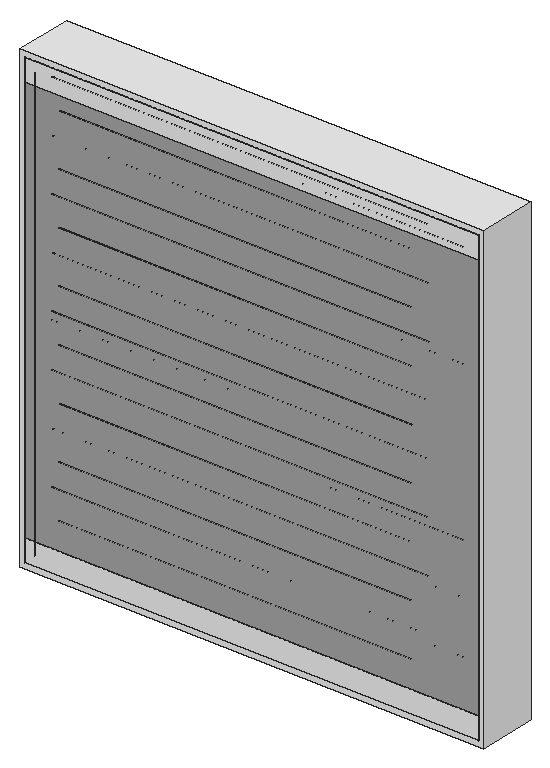
Revit family
Parameters (values of type "Louver_Acoustical_EAA-645_All-Lite")
  URL = "http://www.alllite-louvers.com"
  Specifications = "http://www.alllite-louvers.com/catalog/AEAA-645-csi-specification.doc"
  Spacing = 0.458 ft
  SmartBIM Object Version = 3  # constant formula
  SmartBIM Object Created By = "Reed Construction Data"  # constant formula
  Shim Thickness = 0.042 ft
  Screen Width = Width - (2 * Shim Thickness)  # 3.916 ft
  Screen Height = Height - (2 * 0.239583 ft)  # 3.520833 ft
  Screen = Aluminum
  Rough Width = 0.0 ft
  Rough Height = 0.0 ft
  Product URL = "http://www.alllite-louvers.com/catalog.php?model=EAA-645"
  Pressure Loss (in.wg.) = "0.10"
  OmniClass Title = "Exterior Louvers and Grilles"  # constant formula
  OmniClass Code = "23-60 11 17"  # constant formula
  Model Number = "EAA-645"  # constant formula
  Minimum Size = "12\" x 12\""
  Maximum Size - Single Section = "60\" x 120\""
  Maximum Size - Multiple Section = "Unlimited"
  Manufacturer = "All-Lite"  # constant formula
  Louver Width = Width - (2 * Shim Thickness) - 0.166667 ft  # 3.749333 ft
  Louver = Mill finish, 6063-T5 Extruded Aluminum
  Height = 4.0 ft
  Free Area for 48”x48” Louver = "30.0%"
  Free Area Velocity (fpm) = "980"
  Free Area (ft²) for 48"x48" Louver = 4.8 ft
  Frame = Mill finish, 6063-T5 Extruded Aluminum
  Default Sill Height = 3.0 ft
  Wall Closure = (empty or 0)
  Width = 4.0 ft
  Cut Sheet = "http://www.alllite-louvers.com/catalog/AEAA645.pdf"
  Assembly Code = "B2010300"
  Air Volume Delivered (cfm) = "4704"
  95 CSI = "10200 "  # constant formula
  04 CSI = "08 91 00"  # constant formula
  # of Louvers = (Height - 0.25 ft) / (Spacing)  # 8
Reference planes (ft)
  plane 1 "Center (Front/Back)": y = 0
  plane 2: z = 0.291667
  plane 3 "Center (Left/Right)": x = 0
  plane 4 "Left": x = -2
  plane 5 "Right": x = 2
  plane 6 "Sill": z = 3.291667
  plane 7 "Top": z = 7.291667
  plane 8: x = -1.958
  plane 9: x = 1.958
  plane 10: z = 7.249667
  plane 11: z = 3.333667
  plane 12: z = 5.291667
  plane 13: z = 3.417
  plane 14: z = 3.458667
  plane 15: z = 7.166333
  plane 16: z = 7.124667
  plane 17: z = 3.531583
Forms (ft)
  Sweep 1, solid, material "Mill finish, 6063-T5 Extruded Aluminum" <- "Frame"
    path origin (-5, 0.333333, 0) x (-1, 0, 0) y (0, 0, 1)
      loop
        line (-6.958, 7.249667) -> (-3.042, 7.249667)
    profile "Horizontal Mullion : Horizontal Mullion" origin (0, 0.333333, 7.249667) x (0, 0, 1) y (0, 1, 0)
      loop
        line (0, 0) -> (-0.083333, 0) -> (-0.083333, -0.499878) -> (-0.197917, -0.499878) -> (-0.197917, -0.506628) -> (0, -0.506628) -> (0, -0.464961) -> (-0.00675, -0.464961) -> (-0.00675, -0.499878) -> (-0.076583, -0.499878) -> (-0.076583, -0.006628) -> (-0.00675, -0.006628) -> (-0.00675, -0.041545) -> (0, -0.041545) -> (0, 0)
  Sweep 2, solid, material "Mill finish, 6063-T5 Extruded Aluminum" <- "Frame"
    path origin (-5, 0.333333, 0) x (-1, 0, 0) y (0, 0, 1)
      loop
        line (-6.958, 3.333667) -> (-3.042, 3.333667)
    profile "Horizontal Mullion : Horizontal Mullion" origin (0, 0.333333, 3.333667) x (0, 0, 1) y (0, 1, 0)
      loop
        line (0, 0) -> (0, -0.041545) -> (0.00675, -0.041545) -> (0.00675, -0.006628) -> (0.076583, -0.006628) -> (0.076583, -0.499878) -> (0.00675, -0.499878) -> (0.00675, -0.464961) -> (0, -0.464961) -> (0, -0.506628) -> (0.197917, -0.506628) -> (0.197917, -0.499878) -> (0.083333, -0.499878) -> (0.083333, 0) -> (0, 0)
  Sweep 3, solid, material "Mill finish, 6063-T5 Extruded Aluminum" <- "Frame"
    path origin (-5, 0.333333, 0) x (-1, 0, 0) y (0, 0, 1)
      loop
        line (-6.958, 3.417) -> (-6.958, 7.166333)
    profile "Vertical Mullion : Vertical Mullion" origin (1.958, 0.333333, 5.291667) x (1, 0, 0) y (0, 1, 0)
      loop
        line (0, -0.46875) -> (-0.010417, -0.46875) -> (-0.010417, -0.489583) -> (-0.072917, -0.489583) -> (-0.072917, -0.010417) -> (-0.010417, -0.010417) -> (-0.010417, -0.03125) -> (0, -0.03125) -> (0, 0) -> (-0.083333, 0) -> (-0.083333, -0.5) -> (0, -0.5) -> (0, -0.46875)
  Sweep 4, solid, material "Mill finish, 6063-T5 Extruded Aluminum" <- "Frame"
    path origin (5, 0.333333, 0) x (1, 0, 0) y (0, 0, -1)
      loop
        line (-6.958, -3.417) -> (-6.958, -7.166333)
    profile "Vertical Mullion : Vertical Mullion" origin (-1.958, 0.333333, 5.291667) x (1, 0, 0) y (0, 1, 0)
      loop
        line (0, -0.46875) -> (0, -0.5) -> (0.083333, -0.5) -> (0.083333, 0) -> (0, 0) -> (0, -0.03125) -> (0.010417, -0.03125) -> (0.010417, -0.010417) -> (0.072917, -0.010417) -> (0.072917, -0.489583) -> (0.010417, -0.489583) -> (0.010417, -0.46875) -> (0, -0.46875)
  Sweep 5, solid, material "Mill finish, 6063-T5 Extruded Aluminum" <- "Frame"
    path origin (-5, 0.333333, 0) x (-1, 0, 0) y (0, 0, 1)
      loop
        line (-3, 7.291667) -> (-7, 7.291667) -> (-7, 3.291667) -> (-3, 3.291667) -> (-3, 7.291667)
    profile origin (-2, 0.333333, 5.291667) x (0, 1, 0) y (-1, 0, 0)
      loop
        line (0, 0) -> (-0.506628, 0) -> (-0.506628, -0.042) -> (0, -0.042) -> (0, 0)
  Extrusion 6, solid, material "Aluminum" <- "Screen"
    sketch origin (-5, 0.333333, 0) x (-1, 0, 0) y (0, 0, 1)
      loop
        line (-3.042, 7.05175) -> (-6.958, 7.05175) -> (-6.958, 3.531583) -> (-3.042, 3.531583) -> (-3.042, 7.05175)
    from -0.506628 to -0.499878
Lines and regions (ft)
  Opening 1
    outline origin (-5, -0.333333, 0) x (1, 0, 0) y (0, 0, 1)
      loop
        line (3, 7.291667) -> (3, 3.291667) -> (7, 3.291667) -> (7, 7.291667) -> (3, 7.291667)
  Masking region 1, detail levels coarse+medium
    outline origin (0, 0, 0) x (1, 0, 0) y (0, 1, 0)
      loop
        line (-2, 0.333333) -> (-2, -0.173295) -> (-1.874667, -0.173295) -> (-1.874667, 0.333333) -> (-2, 0.333333)
      loop
        line (2, 0.333333) -> (1.874667, 0.333333) -> (1.874667, -0.173295) -> (2, -0.173295) -> (2, 0.333333)
  Masking region 2, detail levels fine
    outline origin (0, 0, 0) x (1, 0, 0) y (0, 1, 0)
      loop
        line (1.885083, -0.15625) -> (1.885083, 0.322917) -> (1.947583, 0.322917) -> (1.947583, 0.302083) -> (1.958, 0.302083) -> (1.958, 0.333333) -> (1.874667, 0.333333) -> (1.874667, -0.166667) -> (1.958, -0.166667) -> (1.958, -0.135417) -> (1.947583, -0.135417) -> (1.947583, -0.15625) -> (1.885083, -0.15625)
      loop
        line (-1.885083, 0.322917) -> (-1.885083, -0.15625) -> (-1.947583, -0.15625) -> (-1.947583, -0.135417) -> (-1.958, -0.135417) -> (-1.958, -0.166545) -> (-1.874667, -0.166545) -> (-1.874667, 0.333333) -> (-1.958, 0.333333) -> (-1.958, 0.302083) -> (-1.947583, 0.302083) -> (-1.947583, 0.322917) -> (-1.885083, 0.322917)
Text (ft)
  text "EXTERIOR" at (-4.890733, 4.242245, 0), in view "Ref. Level"
  text "INTERIOR" at (-4.890733, -3.147199, 0), in view "Ref. Level"
  text "Exterior" at (0, 3.638026, 10.266337), in view "Left"
  text "Exterior" at (0, 1.524487, 10.420622), in view "Right"
Dimensions and locks (ft)
  equal spacing: plane 4 "Left", plane 3 "Center (Left/Right)", plane 5 "Right"
  "Width": plane 4 "Left" to plane 5 "Right"
  "Height": plane 6 "Sill" to plane 7 "Top"
  "Default Sill Height": plane 2 to plane 6 "Sill"
  "Shim Thickness": plane 4 "Left" to plane 8
  "Shim Thickness": plane 9 to plane 5 "Right"
  "Shim Thickness": plane 10 to plane 7 "Top"
  "Shim Thickness": plane 6 "Sill" to plane 11
  equal spacing: plane 11, plane 12, plane 10
  locked: plane 13 to plane 11 at 0.083333
  locked: plane 14 to plane 13 at 0.041667
  equal spacing: group 1, group 3, group 4, group 5, group 6, group 7, group 8, group 2  (x3)
  locked: plane 10 to plane 15 at 0.083333
  locked: plane 15 to plane 16 at 0.041667
  Extrusion 6 to plane 6 "Sill" = 0.239917 ft
  locked: plane 17 to plane 11 at 0.197917
  aligned and locked: plane 7 "Top" to Opening 1 sketch curve
  aligned and locked: plane 6 "Sill" to Opening 1 sketch curve  (x2)
  aligned and locked: plane 5 "Right" to Opening 1 sketch curve
  aligned and locked: plane 4 "Left" to Opening 1 sketch curve
  aligned and locked: plane 10 to Sweep 1 sketch curve
  aligned and locked: plane 8 to Sweep 1 sketch curve
  aligned and locked: plane 9 to Sweep 1 sketch curve
  aligned and locked: Sweep 2 sketch curve to plane 11
  aligned and locked: plane 9 to Sweep 2 sketch curve
  aligned and locked: plane 8 to Sweep 2 sketch curve
  aligned and locked: plane 9 to Sweep 3 sketch curve
  aligned and locked: Sweep 4 sketch curve to plane 8
  aligned and locked: Sweep 1 to Sweep 4 sketch curve
  aligned and locked: Sweep 5 sketch curve to plane 4 "Left"
  aligned and locked: Sweep 5 sketch curve to plane 7 "Top"
  aligned and locked: Sweep 5 sketch curve to plane 6 "Sill"
  aligned and locked: Sweep 5 sketch curve to plane 5 "Right"
  aligned and locked: Sweep 5 sketch curve to host wall  (x2)
  aligned and locked: plane 8 to Sweep 5 sketch curve
  aligned and locked: plane 3 "Center (Left/Right)" to nested 1
  aligned and locked: host wall to nested 1
  aligned and locked: plane 14 to nested 1
  aligned and locked: host wall to nested 2
  aligned and locked: plane 16 to nested 2
  aligned and locked: plane 15 to Sweep 3 sketch curve
  aligned and locked: Extrusion 6 sketch curve to Sweep 1
  aligned and locked: Sweep 5 to Extrusion 6 sketch curve  (x2)
  aligned and locked: Masking region 1 sketch curve to Sweep 5  (x3)
  aligned and locked: Masking region 1 sketch curve to Sweep 4  (x2)
  aligned and locked: Masking region 1 sketch curve to plane 5 "Right"
  aligned and locked: Masking region 1 sketch curve to nested 3
  aligned and locked: Masking region 2 sketch curve to nested 3
  aligned and locked: plane 9 to Masking region 2 sketch curve  (x2)
  aligned and locked: host wall to Masking region 2 sketch curve
  aligned and locked: Masking region 2 sketch curve to Sweep 4  (x9)
  aligned and locked: Sweep 4 to Masking region 2 sketch curve
  aligned and locked: Extrusion 6 to Masking region 2 sketch curve
  aligned and locked: Sweep 5 to Masking region 2 sketch curve
  aligned and locked: Sweep 5 to Masking region 1 sketch curve
  aligned and locked: plane 13 to Sweep 3 sketch curve
  aligned and locked: plane 17 to Extrusion 6
Automatic sketch dimensions
  Extrusion 6 sketch curve to plane 6 "Sill" = 0.239917 ft
  plane 8 to Masking region 2 sketch curve = 0.010417 ft
  Sweep 4 sketch curve to plane 13 = 0.0 ft
  Sweep 5 sketch curve to profile plane = 0.506628 ft
  Masking region 2 sketch curve to Masking region 2 sketch curve = 0.010417 ft  (x4)
  host wall to Masking region 2 sketch curve = 0.166667 ft
  Masking region 2 sketch curve to Masking region 2 sketch curve = 0.020833 ft
  Masking region 2 sketch curve to host wall = 0.03125 ft
  Masking region 2 sketch curve to host wall = 0.010417 ft
Nested families (ft)
  nested 1: "Louver" at (0, 0.085937, 3.458667), type "Louver"
    with Louver Length 3.749333 ft
  nested 2: "Louver" at (0, 0.085937, 6.629875), type "Louver"
    with Louver Length 3.749333 ft
  nested 3: "Louver" at (0, 0.085937, 3.911696), type "Louver"
    with Louver Length 3.749333 ft
  nested 4: "Louver" at (0, 0.085937, 4.364726), type "Louver"
    with Louver Length 3.749333 ft
  nested 5: "Louver" at (0, 0.085937, 4.817756), type "Louver"
    with Louver Length 3.749333 ft
  nested 6: "Louver" at (0, 0.085937, 5.270786), type "Louver"
    with Louver Length 3.749333 ft
  nested 7: "Louver" at (0, 0.085937, 5.723815), type "Louver"
    with Louver Length 3.749333 ft
  nested 8: "Louver" at (0, 0.085937, 6.176845), type "Louver"
    with Louver Length 3.749333 ft
Connectors (ft)
  hvac at (0, -0.173295, 5.291667), driven by "Screen Height", driven by "Screen Width"
    settings: on Extrusion 6, index 1
Definition of nested family "Louver"
  Parameters (values of type "Louver")
    Louver Length = 4.833333 ft
    Louver Array = yes
    Louver = none
    Assembly Code = ""
  Reference planes (ft)
    plane 1 "Center (Front/Back)": y = 0
    plane 2: z = 0
    plane 3 "Center (Left/Right)": x = 0
    plane 4: x = -2.416667
    plane 5: x = 2.416667
    plane 6: z = 0.494792
    plane 7: y = 0.247396
    plane 8: y = -0.247396
  Forms (ft)
    Extrusion 1, solid, material <- "Louver", visible <- "Louver Array"
      sketch origin (0, 0, 0) x (0, 1, 0) y (0, 0, 1)
        loop
          arc (0.246745, 0.013816) -> (0.244664, 0.003502) -> (0.234653, 0.000263) r 0.010417
          arc (0.234653, 0.000263) -> (0.214992, 0.004981) -> (0.195525, 0.010441) r 0.533565
          line (0.195525, 0.010441) -> (0.19747, 0.016905)
          arc (0.19747, 0.016905) -> (0.202477, 0.015425) -> (0.207498, 0.013994) r 0.526815
          line (0.207498, 0.013994) -> (0.20937, 0.019431) -> (0.150275, 0.039779) -> (0.152473, 0.046161) -> (0.214798, 0.024701)
          arc (0.214798, 0.024701) -> (0.216709, 0.02301) -> (0.216865, 0.020464) r 0.003333
          line (0.216865, 0.020464) -> (0.215195, 0.015614)
          arc (0.215195, 0.015614) -> (0.21541, 0.01295) -> (0.217512, 0.011301) r 0.003333
          arc (0.217512, 0.011301) -> (0.225436, 0.009319) -> (0.233389, 0.00746) r 0.526815
          arc (0.233389, 0.00746) -> (0.238418, 0.00907) -> (0.239455, 0.014248) r 0.005208
          arc (0.239455, 0.014248) -> (0.206559, 0.094173) -> (0.164866, 0.169882) r 0.765676
          arc (0.164866, 0.169882) -> (0.057049, 0.305122) -> (-0.078372, 0.412713) r 0.765676
          arc (-0.078372, 0.412713) -> (-0.154086, 0.454249) -> (-0.233996, 0.486995) r 0.765676
          arc (-0.233996, 0.486995) -> (-0.239173, 0.48595) -> (-0.240774, 0.480917) r 0.005208
          arc (-0.240774, 0.480917) -> (-0.239012, 0.473422) -> (-0.23714, 0.465954) r 0.526815
          arc (-0.23714, 0.465954) -> (-0.235491, 0.463852) -> (-0.232828, 0.463636) r 0.003333
          line (-0.232828, 0.463636) -> (-0.227977, 0.465306)
          arc (-0.227977, 0.465306) -> (-0.225431, 0.46515) -> (-0.223741, 0.463239) r 0.003333
          line (-0.223741, 0.463239) -> (-0.20228, 0.400914) -> (-0.208662, 0.398716) -> (-0.22901, 0.457811) -> (-0.234447, 0.455939)
          arc (-0.234447, 0.455939) -> (-0.233017, 0.450918) -> (-0.231537, 0.445911) r 0.526815
          line (-0.231537, 0.445911) -> (-0.238, 0.443966)
          arc (-0.238, 0.443966) -> (-0.243341, 0.462976) -> (-0.247974, 0.48217) r 0.533565
          arc (-0.247974, 0.48217) -> (-0.244752, 0.492187) -> (-0.23444, 0.494285) r 0.010417
          arc (-0.23444, 0.494285) -> (0.061868, 0.309849) -> (0.246745, 0.013816) r 0.772426
      from -2.416667 to 2.416667
    Extrusion 2, solid, material <- "Louver", visible <- "Louver Array"
      sketch origin (0, 0, 0) x (0, 1, 0) y (0, 0, 1)
        loop
          arc (0.20937, 0.019431) -> (-0.066062, 0.182379) -> (-0.22901, 0.457811) r 0.643809
          line (-0.22901, 0.457811) -> (-0.233941, 0.456114)
          arc (-0.233941, 0.456114) -> (-0.232887, 0.452534) -> (-0.231812, 0.44896) r 0.649017
          arc (-0.231812, 0.44896) -> (-0.231308, 0.447309) -> (-0.2308, 0.44566) r 0.649017
          arc (-0.2308, 0.44566) -> (-0.230004, 0.443107) -> (-0.229197, 0.440557) r 0.649017
          arc (-0.229197, 0.440557) -> (-0.228473, 0.4383) -> (-0.227741, 0.436045) r 0.649017
          arc (-0.227741, 0.436045) -> (-0.225952, 0.43065) -> (-0.224116, 0.425272) r 0.649017
          arc (-0.224116, 0.425272) -> (-0.221237, 0.417131) -> (-0.218249, 0.409028) r 0.649017
          arc (-0.218249, 0.409028) -> (-0.214676, 0.399752) -> (-0.210962, 0.390531) r 0.649017
          arc (-0.210962, 0.390531) -> (-0.206824, 0.380709) -> (-0.202525, 0.370957) r 0.649017
          arc (-0.202525, 0.370957) -> (-0.198435, 0.362061) -> (-0.194211, 0.353228) r 0.649017
          arc (-0.194211, 0.353228) -> (-0.188292, 0.341394) -> (-0.182133, 0.329683) r 0.649017
          arc (-0.182133, 0.329683) -> (-0.174293, 0.31556) -> (-0.166103, 0.301637) r 0.649017
          arc (-0.166103, 0.301637) -> (-0.158492, 0.289369) -> (-0.150611, 0.277274) r 0.649017
          arc (-0.150611, 0.277274) -> (-0.145823, 0.270203) -> (-0.140943, 0.263196) r 0.649017
          arc (-0.140943, 0.263196) -> (-0.133834, 0.253328) -> (-0.126541, 0.243595) r 0.649017
          arc (-0.126541, 0.243595) -> (-0.115454, 0.229492) -> (-0.103981, 0.215701) r 0.649017
          arc (-0.103981, 0.215701) -> (-0.093134, 0.203343) -> (-0.081977, 0.191263) r 0.649017
          arc (-0.081977, 0.191263) -> (-0.068289, 0.177245) -> (-0.054185, 0.163646) r 0.649017
          arc (-0.054185, 0.163646) -> (-0.040896, 0.151556) -> (-0.027277, 0.139838) r 0.649017
          arc (-0.027277, 0.139838) -> (-0.014577, 0.129483) -> (-0.00162, 0.119451) r 0.649017
          arc (-0.00162, 0.119451) -> (0.008855, 0.111715) -> (0.019482, 0.104191) r 0.649017
          arc (0.019482, 0.104191) -> (0.03268, 0.095282) -> (0.046093, 0.086699) r 0.649017
          arc (0.046093, 0.086699) -> (0.064871, 0.07544) -> (0.084019, 0.06482) r 0.649017
          arc (0.084019, 0.06482) -> (0.098803, 0.057185) -> (0.113779, 0.049932) r 0.649017
          arc (0.113779, 0.049932) -> (0.128222, 0.043378) -> (0.142821, 0.037178) r 0.649017
          arc (0.142821, 0.037178) -> (0.164426, 0.028762) -> (0.186318, 0.021122) r 0.649017
          arc (0.186318, 0.021122) -> (0.196967, 0.017719) -> (0.207672, 0.014501) r 0.649017
          line (0.207672, 0.014501) -> (0.20937, 0.019431)
      from -2.416667 to 2.416667
  Cuts and joins
    joined: Extrusion 1, Extrusion 2
  Lines and regions (ft)
    reference lines
      curve 1: line (0, 0.247396, 0) -> (0, -0.247396, 0.494792)
  Dimensions and locks (ft)
    equal spacing: plane 4, plane 3 "Center (Left/Right)", plane 5
    "Louver Length": plane 4 to plane 5
    locked: plane 6 to level at 0.494792
    locked: plane 8 to plane 7 at 0.494792
    equal spacing: plane 8, plane 1 "Center (Front/Back)", plane 7
    angle level to curve 1 = 45.00°
    aligned and locked: level to curve 1
    aligned and locked: plane 7 to curve 1
    aligned and locked: plane 8 to curve 1
    aligned and locked: Extrusion 1 to plane 4
    aligned and locked: plane 5 to Extrusion 1
    aligned and locked: Extrusion 2 to plane 4
    aligned and locked: plane 5 to Extrusion 2
  Automatic sketch dimensions
    Extrusion 1 sketch curve to plane 6 = 0.000507 ft
    Extrusion 1 sketch curve to plane 7 = 0.000651 ft
    plane 8 to Extrusion 1 sketch curve = 0.000578 ft
    Extrusion 1 sketch curve to Extrusion 1 sketch curve = 0.0 ft  (x30)
    Extrusion 1 sketch curve to Extrusion 1 sketch curve = 0.001945 ft  (x2)
    Extrusion 1 sketch curve to Extrusion 1 sketch curve = 0.00291 ft
    Extrusion 1 sketch curve to Extrusion 1 sketch curve = 0.001872 ft
    Extrusion 1 sketch curve to plane 8 = 0.038733 ft
    Extrusion 1 sketch curve to Extrusion 1 sketch curve = 0.00527 ft
    Extrusion 1 sketch curve to Extrusion 1 sketch curve = 0.002198 ft  (x2)
    Extrusion 1 sketch curve to Extrusion 1 sketch curve = 0.005428 ft
    Extrusion 1 sketch curve to Extrusion 1 sketch curve = 0.004237 ft
    Extrusion 1 sketch curve to Extrusion 1 sketch curve = 0.001085 ft  (x5)
    Extrusion 1 sketch curve to Extrusion 1 sketch curve = 0.00485 ft  (x2)
    Extrusion 1 sketch curve to Extrusion 1 sketch curve = 0.00167 ft  (x2)
    Extrusion 1 sketch curve to Extrusion 1 sketch curve = 0.004313 ft
    Extrusion 1 sketch curve to Extrusion 1 sketch curve = 0.002318 ft  (x2)
    Extrusion 1 sketch curve to Extrusion 1 sketch curve = 0.00297 ft
    Extrusion 1 sketch curve to Extrusion 1 sketch curve = 0.002109 ft
    Extrusion 1 sketch curve to Extrusion 1 sketch curve = 0.003809 ft
    Extrusion 1 sketch curve to Extrusion 1 sketch curve = 0.002354 ft
    Extrusion 1 sketch curve to Extrusion 1 sketch curve = 0.000433 ft
    Extrusion 1 sketch curve to Extrusion 1 sketch curve = 0.006067 ft
    Extrusion 1 sketch curve to Extrusion 1 sketch curve = 0.004921 ft
    Extrusion 1 sketch curve to Extrusion 1 sketch curve = 0.001707 ft
    Extrusion 1 sketch curve to Extrusion 1 sketch curve = 0.000834 ft
    Extrusion 1 sketch curve to Extrusion 1 sketch curve = 0.003227 ft
    Extrusion 1 sketch curve to Extrusion 1 sketch curve = 0.003152 ft
    level to Extrusion 1 sketch curve = 0.039779 ft
    level to Extrusion 1 sketch curve = 0.000263 ft
    Extrusion 1 sketch curve to Extrusion 1 sketch curve = 0.001264 ft
    Extrusion 1 sketch curve to Extrusion 1 sketch curve = 0.002357 ft
    Extrusion 1 sketch curve to Extrusion 1 sketch curve = 0.002105 ft
    level to Extrusion 1 sketch curve = 0.010441 ft
    Extrusion 1 sketch curve to Extrusion 1 sketch curve = 0.007697 ft
    Extrusion 1 sketch curve to Extrusion 1 sketch curve = 0.004343 ft
    Extrusion 1 sketch curve to Extrusion 1 sketch curve = 0.002118 ft
    Extrusion 2 sketch curve to plane 8 = 0.013455 ft
    level to Extrusion 2 sketch curve = 0.014501 ft
    Extrusion 2 sketch curve to plane 7 = 0.039724 ft
    plane 7 to Extrusion 2 sketch curve = 0.141783 ft
    Extrusion 2 sketch curve to plane 6 = 0.038678 ft
    Extrusion 2 sketch curve to Extrusion 2 sketch curve = 0.001698 ft  (x2)
    Extrusion 2 sketch curve to Extrusion 2 sketch curve = 0.0 ft  (x77)
    Extrusion 2 sketch curve to Extrusion 2 sketch curve = 0.00493 ft
    Extrusion 2 sketch curve to Extrusion 2 sketch curve = 0.002129 ft
    Extrusion 2 sketch curve to Extrusion 2 sketch curve = 0.001012 ft
    Extrusion 2 sketch curve to Extrusion 2 sketch curve = 0.001603 ft
    Extrusion 2 sketch curve to Extrusion 2 sketch curve = 0.001456 ft
    Extrusion 2 sketch curve to Extrusion 2 sketch curve = 0.003625 ft
    Extrusion 2 sketch curve to Extrusion 2 sketch curve = 0.005867 ft
    Extrusion 2 sketch curve to Extrusion 2 sketch curve = 0.007287 ft
    Extrusion 2 sketch curve to Extrusion 2 sketch curve = 0.008437 ft
    Extrusion 2 sketch curve to Extrusion 2 sketch curve = 0.008314 ft
    Extrusion 2 sketch curve to Extrusion 2 sketch curve = 0.012078 ft
    Extrusion 2 sketch curve to Extrusion 2 sketch curve = 0.01603 ft
    Extrusion 2 sketch curve to Extrusion 2 sketch curve = 0.015492 ft
    Extrusion 2 sketch curve to Extrusion 2 sketch curve = 0.009668 ft
    Extrusion 2 sketch curve to Extrusion 2 sketch curve = 0.014402 ft
    Extrusion 2 sketch curve to Extrusion 2 sketch curve = 0.02256 ft
    Extrusion 2 sketch curve to Extrusion 2 sketch curve = 0.022005 ft
    Extrusion 2 sketch curve to Extrusion 2 sketch curve = 0.027792 ft
    plane 1 "Center (Front/Back)" to Extrusion 2 sketch curve = 0.027277 ft
    plane 1 "Center (Front/Back)" to Extrusion 2 sketch curve = 0.00162 ft
    Extrusion 2 sketch curve to plane 1 "Center (Front/Back)" = 0.019482 ft
    Extrusion 2 sketch curve to Extrusion 2 sketch curve = 0.02661 ft
    Extrusion 2 sketch curve to Extrusion 2 sketch curve = 0.037926 ft
    Extrusion 2 sketch curve to Extrusion 2 sketch curve = 0.02976 ft
    Extrusion 2 sketch curve to Extrusion 2 sketch curve = 0.029042 ft
    level to Extrusion 2 sketch curve = 0.021122 ft
    plane 1 "Center (Front/Back)" to Extrusion 1 sketch curve = 0.078372 ft
    level to Extrusion 1 sketch curve = 0.443966 ft
    Extrusion 1 sketch curve to plane 7 = 0.08253 ft
